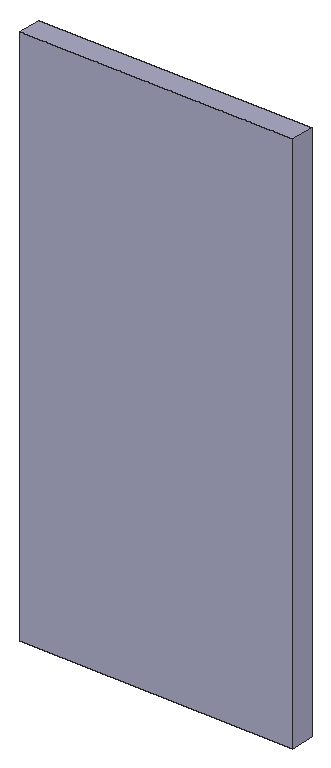
Revit family
Parameters (values of type "2"_2'x4' - Vertical")
  Width = 2' - 0"
  URL = "http://www.echoeliminator.com"
  Type Comments = "Echo Eliminator™ is the most cost effective acoustical absorbing material on the market. It alleviates echoes, reduces reverberation times and improves speech Intelligibility."
  Model = "Echo Eliminator 8 lb Composite"
  Material = Acoustical Surfaces - Marble Light Blue
  Manufacturer = "Acoustical Surfaces Inc."
  Keynote = ""
  Height Above Floor = 4' - 0"
  Height = 4' - 0"
  Description = "Acoustical Wall Panel"
  Depth = 0' - 2"
  Cost = 5.5
  CSI No. = "09840"
  Assembly Code = "F1030100"
Types (3): name | Width | Model | Height | Description
  (no name) | 2' - 0" | "Echo Eliminator 8 lb Composite" | 4' - 0" | "Acoustical Wall Panel"
  2"_2'x4' - Vertical | 2' - 0" | "Echo Eliminator 8 lb Composite" | 4' - 0" | "Acoustical Wall Panel"
  2"_2'x4' - Horizontal | 4' - 0" | "Echo Eliminator 8 lb. Composite Wall Panel" | 2' - 0" | "Acoustical Wall Panel - Adhesive Apply"
Reference planes (in)
  plane 1: y = 0
  plane 2 "Center (Left/Right)": x = 8
  plane 3 "Back": y = 3
  plane 4: z = 96
  plane 5: z = 48
  plane 6: x = 20
  plane 7: x = -4
  plane 8: z = 72
  plane 9 "Wall Face": y = 3
  plane 10 "Panel Face": y = 5
Forms (in)
  Extrusion 1, solid, material "Acoustical Surfaces - Marble Light Blue" <- "Material"
    sketch origin (0, 3, 0) x (0, 0, 1) y (-1, 0, 0)
      loop
        line (96, -20) -> (96, 4) -> (48, 4) -> (48, -20) -> (96, -20)
    from 0 to -2
Text (in)
  text "Placement Side" at (0, 40.15149, 123.01588), in view "Right"
  text "Placement Side" at (-58.6842, 42.74981, 0), in view "Ref. Level"
  text "Placement Side" at (0, 47.49176, 140.59947), in view "Left"
Dimensions and locks (in)
  locked: plane 3 "Back" to host wall
  "Height Above Floor": level to plane 5
  "Height": plane 5 to plane 4
  "Width": plane 7 to plane 6
  equal spacing: plane 6, plane 2 "Center (Left/Right)", plane 7
  equal spacing: plane 5, plane 8, plane 4
  "Depth": plane 10 "Panel Face" to plane 9 "Wall Face"
  aligned and locked: plane 9 "Wall Face" to host wall
  aligned and locked: Extrusion 1 to plane 10 "Panel Face"
Automatic sketch dimensions
  Extrusion 1 sketch curve to plane 5 = 0' - 0"
  Extrusion 1 sketch curve to plane 4 = 0' - 0"
  Extrusion 1 sketch curve to plane 6 = 0' - 0"
  Extrusion 1 sketch curve to plane 7 = 0' - 0"
